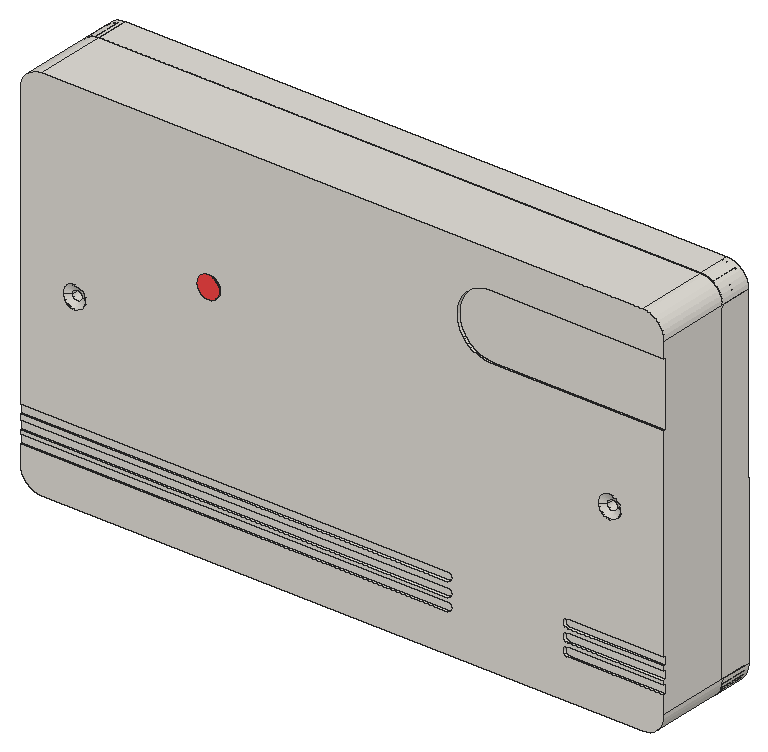
Revit family "TYCO-FPP-FireClass-FC410SNM SOUNDER OUTPUT MODULE", category Electrical Fixtures, Revit 2014
Parameters (values of type "TYCO-FPP-FireClass-FC410SNM SOUNDER OUTPUT MODULE")
  rs2 = RS(2)
  Width = 84 mm  # constant formula
  URL = "https://fireclass.co.uk/en/emea/DocumentandMedia1/Data%20Sheets/80093%20Tyco%20Datasheet_addressable%20Loop%20Modules%20LR.pdf"
  Type Comments = "The sounders are powered\r\nfrom an independent power supply"
  Storage Temperature = "–40°C to +80°C"
  ST = STT
  Relative Humidity = "10% to 95%"
  Rear Cover = yes
  RS1 = RS(11)
  RS = RS
  PCB = PCB
  EOL Resistor Value = "27k Ohm 0.5W"
  Operated Current Value = "2A @ 24Vdc"
  Model = "FireClass - 577.800.705"
  Manufacturer = "Tyco"
  Power Requirement = "24Vdc"
  Length = 61 mm  # constant formula
  Keynote = "Module is capable of passing up\r\nto a maximum of 2A"
  Front Cover = yes
  Description = "Sounder Circuit Controller"
  Operating Temperature = "–20°C to +70°C"
Reference planes
  plane 1 "Center (Front/Back)": y = 0
  plane 2: z = 0
  plane 3 "Center (Left/Right)": x = 0
  plane 4: x = -42
  plane 5: x = 42
  plane 6: z = 30.5
  plane 7: z = -30.5
Forms (mm)
  Extrusion 1, solid, material "PCB" <- "PCB", detail levels fine
    sketch origin (0, 0, 0) x (1, 0, 0) y (0, 0, 1)
      loop
        line (-42, 30.5) -> (-42, -30.5) -> (42, -30.5) -> (42, 30.5) -> (-42, 30.5)
      loop
        circle (-27.105, 14.071) r 2.5
      loop
        circle (-27.105, -14.071) r 2.5
      loop
        circle (27.105, 14.071) r 2.5
      loop
        circle (27.105, -14.071) r 2.5
      loop
        circle (39.176, 27.122) r 0.95
      loop
        circle (39.176, -27.122) r 0.95
      loop
        circle (-39.176, 27.122) r 0.95
      loop
        circle (-39.176, -27.122) r 0.95
    from 0 to -0.343
  Extrusion 2, solid, material "STT" <- "ST", detail levels fine
    sketch origin (-42, 47.974, 1219.2) x (0, 1, 0) y (0, 0, 1)
      loop
        line (-47.974, -1188.7) -> (-50.068, -1188.7) -> (-52.908, -1191.169) -> (-52.908, -1196.54) -> (-50.749, -1198.7) -> (-47.974, -1198.7) -> (-47.974, -1188.7)
    from 12.585 to 72.382
  Extrusion 3, solid, material "STT(1)", detail levels fine
    sketch origin (-42, -2.094, 30.5) x (0, 1, 0) y (-1, 0, 0)
      loop
        line (-0.226, -71.093) -> (-0.226, -68.378) -> (-2.371, -68.378) -> (-2.371, -71.093) -> (-0.226, -71.093)
      loop
        line (-0.226, -67.325) -> (-0.226, -64.61) -> (-2.371, -64.61) -> (-2.371, -67.325) -> (-0.226, -67.325)
      loop
        line (-0.226, -63.947) -> (-0.226, -61.231) -> (-2.371, -61.231) -> (-2.371, -63.947) -> (-0.226, -63.947)
      loop
        line (-0.226, -60.179) -> (-0.226, -57.463) -> (-2.371, -57.463) -> (-2.371, -60.179) -> (-0.226, -60.179)
      loop
        line (-0.226, -56.411) -> (-0.226, -53.696) -> (-2.371, -53.696) -> (-2.371, -56.411) -> (-0.226, -56.411)
      loop
        line (-0.226, -53.032) -> (-0.226, -50.317) -> (-2.371, -50.317) -> (-2.371, -53.032) -> (-0.226, -53.032)
      loop
        line (-0.226, -49.577) -> (-0.226, -46.861) -> (-2.371, -46.861) -> (-2.371, -49.577) -> (-0.226, -49.577)
      loop
        line (-0.226, -46.121) -> (-0.226, -43.406) -> (-2.371, -43.406) -> (-2.371, -46.121) -> (-0.226, -46.121)
      loop
        line (-0.226, -12.907) -> (-2.371, -12.907) -> (-2.371, -15.622) -> (-0.226, -15.622) -> (-0.226, -12.907)
      loop
        line (-0.226, -16.675) -> (-2.371, -16.675) -> (-2.371, -19.39) -> (-0.226, -19.39) -> (-0.226, -16.675)
      loop
        line (-0.226, -20.053) -> (-2.371, -20.053) -> (-2.371, -22.769) -> (-0.226, -22.769) -> (-0.226, -20.053)
      loop
        line (-0.226, -23.821) -> (-2.371, -23.821) -> (-2.371, -26.537) -> (-0.226, -26.537) -> (-0.226, -23.821)
      loop
        line (-0.226, -27.589) -> (-2.371, -27.589) -> (-2.371, -30.304) -> (-0.226, -30.304) -> (-0.226, -27.589)
      loop
        line (-0.226, -30.968) -> (-2.371, -30.968) -> (-2.371, -33.683) -> (-0.226, -33.683) -> (-0.226, -30.968)
      loop
        line (-0.226, -34.423) -> (-2.371, -34.423) -> (-2.371, -37.139) -> (-0.226, -37.139) -> (-0.226, -34.423)
      loop
        line (-0.226, -37.879) -> (-2.371, -37.879) -> (-2.371, -40.594) -> (-0.226, -40.594) -> (-0.226, -37.879)
    from -2.469 to -0.432
  Extrusion 4, solid, material "STT(1)", detail levels fine
    sketch origin (-42, -2.775, 20.5) x (0, -0.707107, 0.707107) y (-1, 0, 0)
      loop
        circle (1.544, -14.099) r 1.217
      loop
        circle (1.544, -17.954) r 1.217
      loop
        circle (1.544, -21.387) r 1.217
      loop
        circle (1.544, -25.19) r 1.217
      loop
        circle (1.544, -28.623) r 1.217
      loop
        circle (1.544, -32.462) r 1.217
      loop
        circle (1.544, -35.895) r 1.217
      loop
        circle (1.544, -39.237) r 1.217
      loop
        circle (1.544, -69.901) r 1.217
      loop
        circle (1.544, -66.046) r 1.217
      loop
        circle (1.544, -62.613) r 1.217
      loop
        circle (1.544, -58.81) r 1.217
      loop
        circle (1.544, -55.377) r 1.217
      loop
        circle (1.544, -51.538) r 1.217
      loop
        circle (1.544, -48.105) r 1.217
      loop
        circle (1.544, -44.763) r 1.217
    from -0.313 to 0.216
  Extrusion 5, solid, material "RS" <- "RS", detail levels fine
    sketch origin (0, 0, 0) x (1, 0, 0) y (0, 0, 1)
      loop
        line (-3.73, 19.435) -> (-3.73, 4.435) -> (4.59, 4.435) -> (4.59, 19.435) -> (-3.73, 19.435)
    from 0 to 2.32
  Extrusion 6, solid, material "RS(11)" <- "RS1", detail levels fine
    sketch origin (0, 0, 0) x (1, 0, 0) y (0, 0, 1)
      loop
        circle (-7.319, 16.747) r 2
      loop
        circle (7.319, 16.747) r 2
    from 0 to 4.934
  Extrusion 7, solid, material "STT" <- "ST", detail levels fine
    sketch origin (0, 0, 0) x (1, 0, 0) y (0, 0, 1)
      loop
        circle (4.688, 1.375) r 1.277
      loop
        circle (8.99, 10.617) r 1.277
    from 0 to 3.616
  Extrusion 8, solid, material "RS(2)" <- "rs2", detail levels fine
    sketch origin (0, 0, 0) x (1, 0, 0) y (0, 0, 1)
      loop
        circle (0, -25.087) r 1.8
    from 0 to 3.616
Cuts and joins
  joined: Extrusion 3, Extrusion 4
  joined: Extrusion 2, Extrusion 7
Lines and regions (mm)
  model lines, detail levels fine
    curve 1: line (-29.548, 0, -23.185) -> (-4.548, 0, -23.185)
    curve 2: line (-4.548, 0, -23.185) -> (-2.634, 0, -19.869)
    curve 3: line (-2.634, 0, -19.869) -> (21.198, 0, -19.869)
    curve 4: line (-29.548, 0, -22.585) -> (-4.548, 0, -22.585)
    curve 5: line (-4.548, 0, -22.585) -> (-2.98, 0, -19.269)
    curve 6: line (-2.98, 0, -19.269) -> (21.198, 0, -19.269)
    curve 7: line (-22.436, 0, -17.966) -> (-7.436, 0, -17.966)
    curve 8: line (-22.436, 0, -18.566) -> (-7.436, 0, -18.566)
    curve 9: line (-29.548, 0, -8.987) -> (-22.874, 0, -8.987)
    curve 10: line (-22.874, 0, -8.987) -> (-19.338, 0, -12.522)
    curve 11: line (-19.338, 0, -12.522) -> (-4.548, 0, -12.522)
    curve 12: line (-0.672, 0, -12.522) -> (10.96, 0, -12.522)
    curve 13: line (10.96, 0, -12.522) -> (13.521, 0, -8.687)
    curve 14: line (13.521, 0, -8.687) -> (22.327, 0, -8.687)
    curve 15: line (-29.548, 0, -8.387) -> (-22.874, 0, -8.387)
    curve 16: line (-22.874, 0, -8.387) -> (-18.914, 0, -12.098)
    curve 17: line (-18.914, 0, -12.098) -> (-4.548, 0, -12.098)
    curve 18: line (-0.672, 0, -13.122) -> (11.279, 0, -13.122)
    curve 19: line (11.279, 0, -13.122) -> (13.84, 0, -9.287)
    curve 20: line (13.84, 0, -9.287) -> (22.327, 0, -9.287)
    curve 21: line (7.704, 0, -4.059) -> (32.704, 0, -4.059)
    curve 22: line (32.704, 0, -4.059) -> (32.704, 0, -9.287)
    curve 23: line (7.704, 0, -3.459) -> (33.304, 0, -3.459)
    curve 24: line (32.704, 0, -4.059) -> (32.704, 0, -9.287)
    curve 25: line (33.304, 0, -3.459) -> (33.304, 0, -9.287)
    curve 26: line (-33.643, 0, -5.958) -> (-7.424, 0, -5.958)
    curve 27: line (-33.643, 0, -5.36) -> (-7.443, 0, -5.36)
    curve 28: line (-34.865, 0, 2.852) -> (-26.681, 0, 2.852)
    curve 29: line (-26.681, 0, 2.852) -> (-24.813, 0, 4.72)
    curve 30: line (-24.813, 0, 4.72) -> (-7.436, 0, 4.72)
    curve 31: line (-34.865, 0, 3.452) -> (-26.681, 0, 3.452)
    curve 32: line (-26.681, 0, 3.452) -> (-25.237, 0, 5.144)
    curve 33: line (-25.237, 0, 5.144) -> (-7.436, 0, 5.144)
    curve 34: line (12.23, 0, -1.636) -> (34.307, 0, -1.636)
    curve 35: line (34.307, 0, -1.636) -> (35.943, 0, 0)
    curve 36: line (12.23, 0, -1.036) -> (34.307, 0, -1.036)
    curve 37: line (34.307, 0, -1.036) -> (35.519, 0, 0.424)
    curve 38: line (-34.865, 0, 3.452) -> (-36.083, 0, 3.452)
    curve 39: line (-34.865, 0, 2.599) -> (-34.865, 0, 3.452)
    curve 40: line (-36.083, 0, 2.599) -> (-34.865, 0, 2.599)
    curve 41: line (-36.083, 0, 3.452) -> (-36.083, 0, 2.599)
    curve 42: line (-7.436, 0, 4.72) -> (-6.046, 0, 4.72)
    curve 43: line (-7.436, 0, 5.684) -> (-7.436, 0, 4.72)
    curve 44: line (-6.046, 0, 5.684) -> (-7.436, 0, 5.684)
    curve 45: line (-6.046, 0, 4.72) -> (-6.046, 0, 5.684)
    curve 46: line (-33.643, 0, -5.958) -> (-34.865, 0, -5.958)
    curve 47: line (-33.643, 0, -4.749) -> (-33.643, 0, -5.958)
    curve 48: line (-34.865, 0, -4.749) -> (-33.643, 0, -4.749)
    curve 49: line (-34.865, 0, -5.958) -> (-34.865, 0, -4.749)
    curve 50: circle (-6.635, 0, -5.633) r 0.853 normal (0, -1, 0)
    curve 51: line (-29.548, 0, -8.987) -> (-30.698, 0, -8.987)
    curve 52: line (-29.548, 0, -7.783) -> (-29.548, 0, -8.987)
    curve 53: line (-30.698, 0, -7.783) -> (-29.548, 0, -7.783)
    curve 54: line (-30.698, 0, -8.987) -> (-30.698, 0, -7.783)
    curve 55: line (-4.548, 0, -12.522) -> (-2.809, 0, -12.522)
    curve 56: line (-4.548, 0, -11.455) -> (-4.548, 0, -12.522)
    curve 57: line (-2.809, 0, -11.455) -> (-4.548, 0, -11.455)
    curve 58: line (-2.809, 0, -12.522) -> (-2.809, 0, -11.455)
    curve 59: line (-7.436, 0, -18.264) -> (-5.761, 0, -18.264)
    curve 60: line (-7.436, 0, -19.269) -> (-7.436, 0, -18.264)
    curve 61: line (-5.761, 0, -19.269) -> (-7.436, 0, -19.269)
    curve 62: line (-5.761, 0, -18.264) -> (-5.761, 0, -19.269)
    curve 63: line (35.943, 0, 0) -> (37.255, 0, 0)
    curve 64: line (35.943, 0, 1.312) -> (35.943, 0, 0)
    curve 65: line (37.255, 0, 1.312) -> (35.943, 0, 1.312)
    curve 66: line (37.255, 0, 0) -> (37.255, 0, 1.312)
    curve 67: line (32.704, 0, -9.287) -> (34.01, 0, -9.287)
    curve 68: line (32.704, 0, -11.455) -> (32.704, 0, -9.287)
    curve 69: line (34.01, 0, -11.455) -> (32.704, 0, -11.455)
    curve 70: line (34.01, 0, -9.287) -> (34.01, 0, -11.455)
    curve 71: line (22.327, 0, -9.287) -> (24.079, 0, -9.287)
    curve 72: line (22.327, 0, -8.044) -> (22.327, 0, -9.287)
    curve 73: line (24.079, 0, -8.044) -> (22.327, 0, -8.044)
    curve 74: line (24.079, 0, -9.287) -> (24.079, 0, -8.044)
    curve 75: line (7.704, 0, -4.059) -> (5.645, 0, -4.059)
    curve 76: line (7.704, 0, -2.79) -> (7.704, 0, -4.059)
    curve 77: line (5.645, 0, -2.79) -> (7.704, 0, -2.79)
    curve 78: line (5.645, 0, -4.059) -> (5.645, 0, -2.79)
    curve 79: line (12.23, 0, -1.636) -> (11.172, 0, -1.636)
    curve 80: line (12.23, 0, 0) -> (12.23, 0, -1.636)
    curve 81: line (11.172, 0, 0) -> (12.23, 0, 0)
    curve 82: line (11.172, 0, -1.636) -> (11.172, 0, 0)
    curve 83: line (-29.548, 0, -22.585) -> (-31.417, 0, -22.585)
    curve 84: line (-29.548, 0, -24.234) -> (-29.548, 0, -22.585)
    curve 85: line (-31.417, 0, -24.234) -> (-29.548, 0, -24.234)
    curve 86: line (-31.417, 0, -22.585) -> (-31.417, 0, -24.234)
    curve 87: line (21.198, 0, -19.869) -> (22.327, 0, -19.869)
    curve 88: line (21.198, 0, -18.566) -> (21.198, 0, -19.869)
    curve 89: line (22.327, 0, -18.566) -> (21.198, 0, -18.566)
    curve 90: line (22.327, 0, -19.869) -> (22.327, 0, -18.566)
    curve 91: line (-22.436, 0, -18.566) -> (-23.415, 0, -18.566)
    curve 92: line (-22.436, 0, -17.27) -> (-22.436, 0, -18.566)
    curve 93: line (-23.415, 0, -17.27) -> (-22.436, 0, -17.27)
    curve 94: line (-23.415, 0, -18.566) -> (-23.415, 0, -17.27)
  model lines, detail levels coarse+medium
    curve 95: line (-42, 0, 30.5) -> (42, 0, 30.5)
    curve 96: line (-42, 0, -30.5) -> (-42, 0, 30.5)
    curve 97: line (42, 0, -30.5) -> (-42, 0, -30.5)
    curve 98: line (42, 0, 30.5) -> (42, 0, -30.5)
Dimensions and locks
  equal spacing: plane 4, plane 3 "Center (Left/Right)", plane 5
  "Width": plane 4 to plane 5
  equal spacing: plane 6, plane 2, plane 7
  "Length": plane 6 to plane 7
  aligned and locked: level to plane 2
  aligned and locked: Extrusion 1 sketch curve to plane 6
  aligned and locked: plane 4 to Extrusion 1 sketch curve
  aligned and locked: Extrusion 1 sketch curve to plane 7
  aligned and locked: plane 5 to Extrusion 1 sketch curve
  aligned and locked: plane 1 "Center (Front/Back)" to Extrusion 1
  aligned and locked: Extrusion 5 to plane 1 "Center (Front/Back)"
  aligned and locked: Extrusion 6 to plane 1 "Center (Front/Back)"
  aligned and locked: Extrusion 7 to plane 1 "Center (Front/Back)"
  aligned and locked: Extrusion 8 to plane 1 "Center (Front/Back)"
  aligned and locked: curve 95 to plane 6
  aligned and locked: plane 5 to curve 98
  aligned and locked: curve 97 to plane 7
  aligned and locked: plane 4 to curve 96
  aligned and locked: plane 3 "Center (Left/Right)" to nested 1
  aligned and locked: nested 1 to Extrusion 1
  aligned and locked: plane 2 to nested 1
  aligned and locked: plane 3 "Center (Left/Right)" to nested 2
  aligned and locked: nested 2 to nested 1
  aligned and locked: plane 2 to nested 2
Automatic sketch dimensions
  plane 4 to Extrusion 1 sketch curve = 2.824 mm  (x2)
  plane 4 to Extrusion 1 sketch curve = 14.895 mm  (x2)
  plane 5 to Extrusion 1 sketch curve = 14.895 mm  (x2)
  plane 5 to Extrusion 1 sketch curve = 2.824 mm  (x2)
  Extrusion 1 sketch curve to plane 7 = 3.378 mm  (x2)
  Extrusion 1 sketch curve to level = 14.071 mm  (x2)
  level to Extrusion 1 sketch curve = 14.071 mm  (x2)
  Extrusion 1 sketch curve to plane 6 = 3.378 mm  (x2)
  Extrusion 2 sketch curve to plane 6 = 0 mm
  Extrusion 2 sketch curve to plane 1 "Center (Front/Back)" = 0 mm
  Extrusion 2 sketch curve to Extrusion 2 sketch curve = 2.094 mm
  Extrusion 2 sketch curve to Extrusion 2 sketch curve = 2.775 mm
  Extrusion 2 sketch curve to Extrusion 2 sketch curve = 2.16 mm  (x2)
  Extrusion 2 sketch curve to plane 6 = 7.84 mm
  Extrusion 2 sketch curve to plane 6 = 2.469 mm
  Extrusion 2 to Extrusion 3 sketch curve = 2.371 mm  (x2)
  Extrusion 3 sketch curve to Extrusion 3 sketch curve = 0 mm  (x14)
  Extrusion 2 to Extrusion 3 sketch curve = 0.226 mm  (x16)
  Extrusion 2 to Extrusion 3 sketch curve = 1.289 mm
  Extrusion 3 sketch curve to Extrusion 3 sketch curve = 2.715 mm  (x15)
  Extrusion 3 sketch curve to Extrusion 3 sketch curve = 1.052 mm  (x6)
  Extrusion 3 sketch curve to Extrusion 3 sketch curve = 0.664 mm  (x4)
  Extrusion 3 sketch curve to Extrusion 3 sketch curve = 0.74 mm  (x4)
  Extrusion 3 sketch curve to Extrusion 3 sketch curve = 2.812 mm
  Extrusion 2 to Extrusion 3 sketch curve = 0.322 mm
  Extrusion 2 to Extrusion 4 sketch curve = 1.51 mm  (x16)
  Extrusion 2 to Extrusion 4 sketch curve = 2.481 mm
  Extrusion 4 sketch curve to Extrusion 4 sketch curve = 3.856 mm
  Extrusion 4 sketch curve to Extrusion 4 sketch curve = 3.433 mm  (x6)
  Extrusion 4 sketch curve to Extrusion 4 sketch curve = 3.803 mm  (x2)
  Extrusion 4 sketch curve to Extrusion 4 sketch curve = 3.839 mm  (x2)
  Extrusion 4 sketch curve to Extrusion 4 sketch curve = 3.342 mm  (x2)
  Extrusion 4 sketch curve to Extrusion 4 sketch curve = 5.526 mm
  Extrusion 2 to Extrusion 4 sketch curve = 1.514 mm
  Extrusion 5 sketch curve to plane 3 "Center (Left/Right)" = 3.73 mm
  plane 3 "Center (Left/Right)" to Extrusion 5 sketch curve = 4.59 mm
  level to Extrusion 5 sketch curve = 4.435 mm
  Extrusion 5 sketch curve to plane 6 = 11.065 mm
  Extrusion 6 sketch curve to plane 3 "Center (Left/Right)" = 7.319 mm
  plane 3 "Center (Left/Right)" to Extrusion 6 sketch curve = 7.319 mm
  Extrusion 6 sketch curve to plane 6 = 13.753 mm  (x2)
  level to Extrusion 7 sketch curve = 1.375 mm
  plane 3 "Center (Left/Right)" to Extrusion 7 sketch curve = 4.688 mm
  level to Extrusion 7 sketch curve = 10.617 mm
  Extrusion 7 sketch curve to Extrusion 7 sketch curve = 4.302 mm
  curve 41 to Extrusion 1 = 5.917 mm
  curve 40 to curve 39 = 1.218 mm
  curve 48 to Extrusion 1 = 7.135 mm
  curve 48 to curve 48 = 1.221 mm
  curve 86 to Extrusion 1 = 10.583 mm
  curve 26 to curve 51 = 2.946 mm
  curve 53 to curve 53 = 1.149 mm
  curve 83 to curve 83 = 1.869 mm
  curve 28 to curve 28 = 8.183 mm
  curve 32 to curve 28 = 0 mm
  curve 31 to curve 32 = 1.444 mm
  curve 32 to curve 29 = 0.424 mm
  curve 4 to curve 94 = 6.133 mm
  curve 15 to curve 16 = 6.674 mm
  curve 15 to curve 10 = 0 mm
  curve 93 to curve 92 = 0.979 mm
  curve 9 to curve 10 = 3.536 mm
  curve 10 to curve 16 = 0.424 mm
  curve 16 to curve 61 = 11.478 mm
  curve 29 to curve 42 = 17.377 mm
  curve 30 to curve 50 = 0.801 mm
  curve 43 to curve 45 = 1.391 mm
  curve 60 to curve 62 = 1.675 mm
  curve 61 to curve 1 = 1.212 mm
  curve 59 to curve 56 = 1.212 mm
  curve 4 to curve 1 = 0 mm
  curve 61 to curve 6 = 2.781 mm
  curve 11 to curve 58 = 1.74 mm
  curve 5 to curve 3 = 0.346 mm
  curve 57 to curve 78 = 8.454 mm
  curve 75 to curve 76 = 2.059 mm
  curve 21 to curve 13 = 3.256 mm
  curve 76 to curve 82 = 3.468 mm
  curve 12 to curve 18 = 0.319 mm
  curve 79 to curve 79 = 1.058 mm
  curve 12 to curve 13 = 2.561 mm
  curve 13 to curve 20 = 0.319 mm
  curve 18 to curve 89 = 9.918 mm
  curve 19 to curve 20 = 8.487 mm
  curve 88 to curve 89 = 1.13 mm
  curve 20 to curve 74 = 1.752 mm
  curve 71 to curve 67 = 8.625 mm
  curve 21 to curve 25 = 0.6 mm
  curve 68 to curve 69 = 1.305 mm
  curve 23 to curve 37 = 1.003 mm
  curve 36 to curve 35 = 0 mm
  curve 36 to curve 63 = 1.636 mm
  curve 35 to curve 66 = 1.312 mm
  curve 85 to Extrusion 1 = 6.266 mm
  curve 2 to Extrusion 1 = 7.315 mm
  curve 1 to curve 5 = 0.6 mm
  curve 4 to curve 2 = 2.716 mm
  curve 2 to curve 62 = 0.6 mm
  curve 2 to curve 6 = 0.6 mm
  curve 87 to curve 89 = 1.302 mm
  curve 61 to curve 59 = 1.005 mm
  curve 91 to curve 93 = 1.296 mm
  curve 88 to curve 19 = 5.444 mm
  curve 18 to curve 56 = 0.6 mm
  curve 18 to curve 13 = 0.6 mm
  curve 10 to curve 17 = 0.424 mm
  curve 89 to curve 69 = 7.111 mm
  curve 17 to curve 57 = 0.643 mm
  curve 89 to curve 20 = 9.28 mm
  curve 69 to curve 70 = 2.169 mm
  curve 93 to curve 51 = 8.284 mm
  curve 19 to curve 13 = 0.6 mm
  curve 9 to curve 15 = 0.6 mm
  curve 71 to curve 73 = 1.243 mm
  curve 15 to curve 53 = 0.603 mm
  curve 53 to curve 47 = 1.826 mm
  curve 26 to curve 50 = 0.324 mm
  curve 26 to curve 47 = 1.209 mm
  curve 13 to curve 21 = 4.628 mm
  curve 21 to curve 23 = 0.6 mm
  curve 75 to curve 77 = 1.269 mm
  curve 76 to curve 82 = 1.154 mm
  curve 34 to curve 36 = 0.6 mm
  curve 36 to curve 35 = 1.036 mm
  curve 36 to curve 80 = 1.036 mm
  curve 63 to curve 65 = 1.312 mm
  curve 48 to curve 39 = 7.348 mm
  curve 39 to curve 29 = 0.253 mm
  curve 40 to curve 41 = 0.853 mm
  curve 50 to curve 30 = 10.353 mm
  curve 29 to curve 33 = 0.424 mm
  curve 33 to curve 44 = 0.54 mm
  curve 27 to curve 50 = 0.808 mm
  curve 7 to curve 59 = 0 mm
  curve 27 to curve 26 = 0.019 mm
  curve 55 to curve 12 = 2.137 mm
  curve 12 to curve 18 = 0 mm
  curve 37 to curve 35 = 0.424 mm
  curve 8 to curve 59 = 0.303 mm
  curve 59 to curve 7 = 0.297 mm
  curve 35 to curve 37 = 0.424 mm
  Extrusion 8 sketch curve to plane 3 "Center (Left/Right)" = 0 mm
  Extrusion 8 sketch curve to plane 7 = 5.413 mm
  radius of Extrusion 1 sketch curve = 2.5 mm  (x4)
  radius of Extrusion 1 sketch curve = 0.95 mm  (x4)
  radius of Extrusion 4 sketch curve = 1.217 mm  (x16)
  radius of Extrusion 6 sketch curve = 2 mm  (x2)
  radius of Extrusion 7 sketch curve = 1.277 mm  (x2)
  radius of Extrusion 8 sketch curve = 1.8 mm
Nested families
  nested 1: "517.035.007" at (0, 0.343, 0), visible <- "Front Cover", type "517.035.007 cover"
    with Front Cover yes
  nested 2: "517.035.010 rear cover" at (0, -6.021, -7.5), visible <- "Rear Cover", type "517.035.010 back box"
    with Rear cover yes
Connectors
  electrical at (0, 0.343, 0)
    settings: on Extrusion 1, index 1, voltage 24 V, apparent load 0 VA, apparent load phase1 0 VA, apparent load phase2 0 VA, apparent load phase3 0 VA, power factor 1, load classification "Other", number of poles 1, system type 31, power factor state 1, is connector primary yes, connector utility no, sub classification motor no, connector description ""
Definition of nested family "517.035.007"
  Parameters (values of type "517.035.007 cover")
    X = 2 mm
    W = 148 mm
    Type Comments = "M520 Ancillary cover for use with 800 series modules.\r\nWill fit onto a MK style double gang back box."
    Model = "517.035.007"
    Material = Cover
    Manufacturer = "Tyco"
    L = 87 mm
    Front Cover [instance] = yes
    Description = "M520 Ancillary Cover"
    D = 23 mm
  Reference planes
    plane 1 "Center (Front/Back)": y = 0
    plane 2: z = 0
    plane 3 "Center (Left/Right)": x = 0
    plane 4: x = -74
    plane 5: x = 74
    plane 6: x = 61.5
    plane 7: z = 43.5
    plane 8: z = -43.5
    plane 9: y = -23
  Forms (mm)
    Extrusion 1, solid, material "Cover" <- "Material", visible <- "Front Cover", detail levels fine
      sketch origin (0, -23.027, 0) x (1, 0, 0) y (0, 0, 1)
        loop
          arc (-69, 43.5) -> (-72.536, 42.036) -> (-74, 38.5) r 5
          line (-74, 38.5) -> (-74, -38.5)
          arc (-74, -38.5) -> (-72.536, -42.036) -> (-69, -43.5) r 5
          line (-69, -43.5) -> (69, -43.5)
          arc (69, -43.5) -> (72.536, -42.036) -> (74, -38.5) r 5
          line (74, -38.5) -> (74, 38.5)
          arc (74, 38.5) -> (72.536, 42.036) -> (69, 43.5) r 5
          line (69, 43.5) -> (-69, 43.5)
      from -23 to 0
    Extrusion 2, void
      sketch origin (0, -23.027, 0) x (-1, 0, 0) y (0, 0, 1)
        loop
          line (74, -26.396) -> (-24.324, -26.396)
          arc (-24.324, -26.396) -> (-25.324, -27.396) -> (-24.324, -28.396) r 1
          line (-24.324, -28.396) -> (74, -28.396) -> (74, -26.396)
        loop
          line (74, -29.671) -> (-24.324, -29.671)
          arc (-24.324, -29.671) -> (-25.324, -30.671) -> (-24.324, -31.671) r 1
          line (-24.324, -31.671) -> (74, -31.671) -> (74, -29.671)
        loop
          line (74, -32.583) -> (-24.324, -32.583)
          arc (-24.324, -32.583) -> (-25.324, -33.583) -> (-24.324, -34.583) r 1
          line (-24.324, -34.583) -> (74, -34.583) -> (74, -32.583)
        loop
          line (-51.834, -26.396) -> (-74, -26.396) -> (-74, -28.396) -> (-51.834, -28.396)
          arc (-51.834, -28.396) -> (-50.834, -27.396) -> (-51.834, -26.396) r 1
        loop
          line (-51.834, -29.305) -> (-74, -29.305) -> (-74, -31.305) -> (-51.834, -31.305)
          arc (-51.834, -31.305) -> (-50.834, -30.305) -> (-51.834, -29.305) r 1
        loop
          line (-51.834, -32.254) -> (-74, -32.254) -> (-74, -34.254) -> (-51.834, -34.254)
          arc (-51.834, -34.254) -> (-50.834, -33.254) -> (-51.834, -32.254) r 1
        loop
          line (-74, 34.995) -> (-74, 19.995) -> (-34, 19.995)
          arc (-34, 19.995) -> (-26.5, 27.495) -> (-34, 34.995) r 7.5
          line (-34, 34.995) -> (-74, 34.995)
      from 0 to 0.563
    Revolve 3, void
      sketch origin (0, -23.027, 0) x (0, -1, 0) y (1, 0, 0)
        loop
          line (-3.575, 61.5) -> (0, 61.5) -> (0, 64.045) -> (-0.836, 62.678) -> (-3.575, 62.678) -> (-3.575, 61.5)
        axis (-3.575, 61.5) -> (0, 61.5)
      angle from 0 to 360
    Extrusion 4, solid, material "LED RED", detail levels fine
      sketch origin (0, -23.027, 0) x (1, 0, 0) y (0, 0, 1)
        loop
          circle (-30.624, 12.978) r 2.558
      from -1.293 to 0.174
    Extrusion 5, void
      sketch origin (-94.576, -0.027, -4572) x (1, 0, 0) y (0, 0, -1)
        loop
          line (26.703, -4612.567) -> (162.316, -4612.567)
          arc (162.316, -4612.567) -> (164.664, -4611.594) -> (165.637, -4609.246) r 3.321
          line (165.637, -4609.246) -> (165.637, -4534.612)
          arc (165.637, -4534.612) -> (164.589, -4532.082) -> (162.058, -4531.033) r 3.578
          line (162.058, -4531.033) -> (27.05, -4531.033)
          arc (27.05, -4531.033) -> (24.499, -4532.09) -> (23.442, -4534.641) r 3.608
          line (23.442, -4534.641) -> (23.442, -4609.306)
          arc (23.442, -4609.306) -> (24.397, -4611.612) -> (26.703, -4612.567) r 3.261
      from 0 to -19.425
    Revolve 6, void
      sketch origin (0, -23.027, 0) x (0, 1, 0) y (-1, 0, 0)
        loop
          line (3.575, 61.5) -> (3.575, 62.678) -> (0.836, 62.678) -> (0, 64.045) -> (0, 61.5) -> (3.575, 61.5)
        axis (3.575, 61.5) -> (0, 61.5)
      angle from 0 to 360
  Cuts and joins
    Extrusion 2, Revolve 3, Extrusion 5, Revolve 6 cuts Extrusion 1
  Dimensions and locks
    equal spacing: plane 4, plane 3 "Center (Left/Right)", plane 5
    "W": plane 4 to plane 5
    locked: plane 5 to plane 6 at 12.5
    equal spacing: plane 7, level, plane 8
    "L": plane 7 to plane 8
    "D": plane 9 to plane 1 "Center (Front/Back)"
    aligned and locked: plane 2 to level
    aligned and locked: Extrusion 1 to Extrusion 5
    aligned and locked: Extrusion 1 sketch curve to plane 7
    aligned and locked: plane 4 to Extrusion 1 sketch curve
    aligned and locked: Extrusion 1 sketch curve to plane 8
    aligned and locked: Extrusion 1 to Extrusion 2
  Automatic sketch dimensions
    plane 5 to Extrusion 1 sketch curve = 0 mm
    plane 4 to Extrusion 1 sketch curve = 5 mm  (x2)
    plane 5 to Extrusion 1 sketch curve = 5 mm
    Extrusion 1 sketch curve to Extrusion 1 sketch curve = 5 mm
    plane 5 to Extrusion 2 sketch curve = 0 mm  (x4)
    Extrusion 2 sketch curve to plane 4 = 0 mm  (x3)
    Extrusion 2 sketch curve to plane 6 = 9.666 mm
    Extrusion 2 sketch curve to Extrusion 2 sketch curve = 0 mm  (x4)
    Extrusion 2 sketch curve to plane 6 = 27.5 mm
    Extrusion 2 sketch curve to plane 8 = 9.917 mm
    plane 3 "Center (Left/Right)" to Extrusion 2 sketch curve = 24.324 mm
    Extrusion 2 sketch curve to plane 8 = 9.246 mm
    Extrusion 2 sketch curve to plane 8 = 8.917 mm
    Extrusion 2 sketch curve to Extrusion 2 sketch curve = 1 mm  (x5)
    Extrusion 2 sketch curve to Extrusion 2 sketch curve = 0.912 mm
    Extrusion 2 sketch curve to Extrusion 2 sketch curve = 0.95 mm
    Extrusion 2 sketch curve to Extrusion 2 sketch curve = 0.908 mm
    Extrusion 2 sketch curve to Extrusion 2 sketch curve = 1.275 mm
    level to Extrusion 2 sketch curve = 19.995 mm
    Extrusion 2 sketch curve to Extrusion 2 sketch curve = 7.5 mm
    Revolve 3 sketch curve to plane 6 = 0 mm  (x2)
    plane 1 "Center (Front/Back)" to Revolve 3 sketch curve = 19.452 mm
    plane 6 to Revolve 3 sketch curve = 1.178 mm
    Revolve 3 sketch curve to Revolve 3 sketch curve = 2.739 mm
    plane 6 to Revolve 3 sketch curve = 2.545 mm
    Revolve 3 sketch curve to Revolve 3 sketch curve = 0.836 mm
    Revolve 3 sketch curve to Revolve 3 sketch curve = 0.558 mm
    Revolve 3 sketch curve to Revolve 3 sketch curve = 1.62 mm
    Extrusion 4 sketch curve to Extrusion 1 = 43.376 mm
    Extrusion 4 sketch curve to Extrusion 1 = 30.522 mm
    plane 4 to Extrusion 5 sketch curve = 2.867 mm
    Extrusion 5 sketch curve to plane 7 = 2.933 mm
    Extrusion 5 sketch curve to Extrusion 5 sketch curve = 3.261 mm
    Extrusion 5 sketch curve to plane 8 = 2.533 mm
    Extrusion 5 sketch curve to Extrusion 5 sketch curve = 3.608 mm
    plane 6 to Extrusion 5 sketch curve = 5.983 mm
    plane 6 to Extrusion 5 sketch curve = 6.24 mm
    plane 5 to Extrusion 5 sketch curve = 2.939 mm
    plane 1 "Center (Front/Back)" to Revolve 6 sketch curve = 23.027 mm
    Revolve 6 sketch curve to Revolve 6 sketch curve = 0.836 mm
    Revolve 6 sketch curve to Revolve 6 sketch curve = 2.739 mm
    plane 4 to Revolve 6 sketch curve = 12.5 mm
    Revolve 6 sketch curve to Revolve 6 sketch curve = 1.178 mm
    Revolve 6 sketch curve to Revolve 6 sketch curve = 1.367 mm
    Revolve 6 sketch curve to Revolve 6 sketch curve = 1.62 mm
    Revolve 6 sketch curve to Revolve 6 sketch curve = 0.558 mm
    Revolve 6 sketch curve to Revolve 6 sketch curve = 0 mm
    radius of Extrusion 4 sketch curve = 2.558 mm
Definition of nested family "517.035.010 rear cover"
  Parameters (values of type "517.035.010 back box")
    W = 148 mm
    URL = "http://tfppemea.com/en/_layouts/fsassets/Docs/Detection_FireClass/UK%20FireClass%20CATALOGUE%20(LR).pdf"
    Type Comments = "K2142 White plastic surface mount MK backbox for use\r\nwith 800 Series addressable ancillaries using 517.035.007\r\ncover."
    Rear cover [instance] = yes
    Model = "517.035.010\r\n517.035.010"
    Manufacturer = "Tyco"
    L = 87 mm
    Finish = rear cover
    Description = "K2142 White Plastic Surface Mount MK\r\nbackbox"
  Reference planes
    plane 1 "Center (Front/Back)": y = 0
    plane 2: z = 0
    plane 3 "Center (Left/Right)": x = 0
    plane 4: x = -74
    plane 5: x = 74
    plane 6: z = 7.5
  Forms (mm)
    Extrusion 1, solid, material "rear cover" <- "Finish", visible <- "Rear cover", detail levels fine
      sketch origin (0, 7.5, 7.5) x (1, 0, 0) y (0, 0, 1)
        loop
          arc (-69, 43.5) -> (-72.536, 42.036) -> (-74, 38.5) r 5
          line (-74, 38.5) -> (-74, -38.5)
          arc (-74, -38.5) -> (-72.536, -42.036) -> (-69, -43.5) r 5
          line (-69, -43.5) -> (69, -43.5)
          arc (69, -43.5) -> (72.536, -42.036) -> (74, -38.5) r 5
          line (74, -38.5) -> (74, 38.5)
          arc (74, 38.5) -> (72.536, 42.036) -> (69, 43.5) r 5
          line (69, 43.5) -> (-69, 43.5)
      from 0 to 7.5
    Extrusion 2, void
      sketch origin (0, 0, 0) x (-1, 0, 0) y (0, 0, 1)
        loop
          line (71.151, 48.985) -> (-71.802, 48.985) -> (-71.802, -33.613) -> (71.151, -33.613) -> (71.151, 48.985)
        loop
          circle (-61, 7.5) r 1.229
        loop
          circle (-61, 7.5) r 2.2
        loop
          circle (61, 7.5) r 1.229
        loop
          circle (61, 7.5) r 2.2
      from 0 to 6.364
  Cuts and joins
    Extrusion 2 cuts Extrusion 1
  Dimensions and locks
    equal spacing: plane 4, plane 3 "Center (Left/Right)", plane 5
    "W": plane 4 to plane 5
    plane 6 to plane 2 = 7.5 mm
    aligned and locked: plane 2 to level
    aligned and locked: Extrusion 1 sketch curve to plane 4
    aligned and locked: Extrusion 1 sketch curve to plane 5
  Automatic sketch dimensions
    Extrusion 1 sketch curve to plane 4 = 5 mm
    Extrusion 1 sketch curve to Extrusion 1 sketch curve = 5 mm
    Extrusion 1 sketch curve to plane 5 = 5 mm  (x2)
    Extrusion 1 sketch curve to level = 36 mm
    plane 6 to Extrusion 1 sketch curve = 38.5 mm
    Extrusion 2 sketch curve to Extrusion 2 sketch curve = 0 mm  (x4)
    Extrusion 2 sketch curve to plane 6 = 0 mm  (x2)
    Extrusion 2 sketch curve to plane 5 = 2.198 mm
    Extrusion 2 sketch curve to plane 5 = 13 mm
    Extrusion 2 sketch curve to plane 4 = 13 mm
    Extrusion 2 sketch curve to plane 4 = 2.849 mm
    Extrusion 2 sketch curve to level = 33.613 mm
    plane 6 to Extrusion 2 sketch curve = 41.485 mm
    radius of Extrusion 2 sketch curve = 1.229 mm  (x2)
    radius of Extrusion 2 sketch curve = 2.2 mm  (x2)
